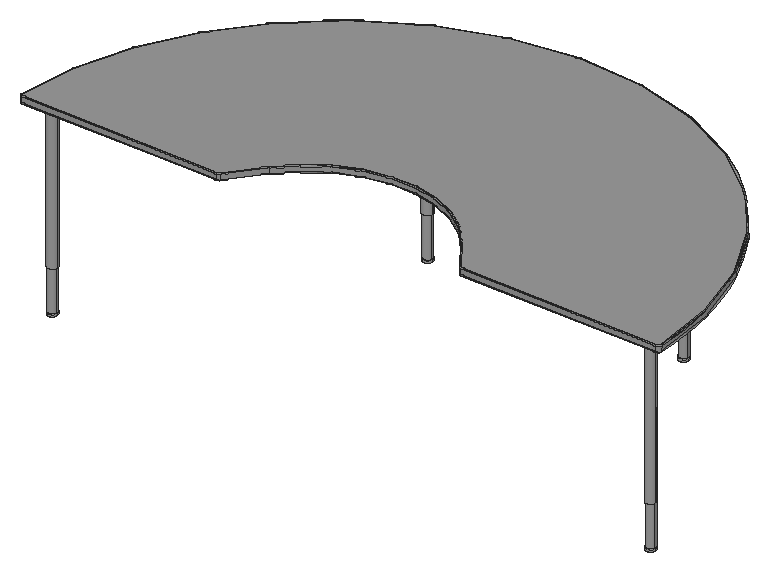
Revit family "Hierarchy Activity Kidney", category Generic Models, Revit 2018
Family settings
  Can host rebar = No
  Round Connector Dimension = Use Diameter
  Part Type = Normal
  Work Plane-Based = No
  Always vertical = Yes
  Cut with Voids When Loaded = No
  Shared = No
  Room Calculation Point = No
Parameters
  Table Height = 2' - 4 1/2"
  Surface = Hierarchy Activity Kidney Surface
  Leg Finish = Shapes Leg Platinum
  Glider/Caster = Shapes Leg - Glider : Shapes Leg - Glider
  Edgeband = Hierarchy Activity Kidney Edgeband
Reference planes (in)
  plane 1 "Center (Front/Back)": y = 0
  plane 2: z = 0
  plane 3 "Center (Left/Right)": x = 0
  plane 4: z = 28.5
Dimensions and locks (in)
  "Table Height": plane 4 to level
  aligned and locked: plane 2 to level
  aligned and locked: nested 1 to plane 4
Nested families (in)
  nested 1: "Activity Kidney Tabletop" at (0, 0, 4.5750003), type "Activity Kidney Tabletop"
  nested 2: "Shapes Leg - Glider" at (-47.1732346, -19.0944657, 0), Leg Height <- "Table Height", Shapes Leg Finish <- "Leg Finish", type "Shapes Leg - Glider"
    with Shapes Leg Finish Shapes Leg Platinum, Leg Height 2' - 4 1/2"
  nested 3: "Shapes Leg - Glider" at (-20.9220931, 18.3262556, 0), Leg Height <- "Table Height", Shapes Leg Finish <- "Leg Finish", type <- "Glider/Caster", type "Shapes Leg - Glider"
    with Shapes Leg Finish Shapes Leg Platinum, Leg Height 2' - 4 1/2"
  nested 4: "Shapes Leg - Glider" at (17.1830398, 18.6556759, 0), Leg Height <- "Table Height", Shapes Leg Finish <- "Leg Finish", type <- "Glider/Caster", type "Shapes Leg - Glider"
    with Shapes Leg Finish Shapes Leg Platinum, Leg Height 2' - 4 1/2"
  nested 5: "Shapes Leg - Glider" at (42.5006715, -19.1609491, 0), Leg Height <- "Table Height", Shapes Leg Finish <- "Leg Finish", type "Shapes Leg - Glider"
    with Shapes Leg Finish Shapes Leg Platinum, Leg Height 2' - 4 1/2"
Definition of nested family "Activity Kidney Tabletop"
  Parameters (values of type "Activity Kidney Tabletop")
    Surface = none
    Edgeband = none
  Reference planes (in)
    plane 1 "Center (Front/Back)": y = 0
    plane 2: z = 0
    plane 3 "Center (Left/Right)": x = 0
  Forms (in)
    Extrusion 1, solid, material <- "Surface"
      sketch origin (0, 0, 0) x (1, 0, 0) y (0, 1, 0)
        loop
          line (-49.6880493, -21.5486813) -> (-20.4447227, -21.5486813)
          arc (-20.4447227, -21.5486813) -> (-20.2739365, -21.5083641) -> (-20.1392111, -21.3959254) r 0.3818893
          line (-20.1392111, -21.3959254) -> (-16.6892109, -16.7959213)
          arc (-16.6892109, -16.7959213) -> (-2.1947211, -9.5486737) -> (12.2997673, -16.7959242) r 18.1181046
          line (12.2997673, -16.7959242) -> (15.7497638, -21.3959253)
          arc (15.7497638, -21.3959253) -> (15.8844892, -21.5083641) -> (16.0552754, -21.5486813) r 0.3818893
          line (16.0552754, -21.5486813) -> (45.2986021, -21.5486813)
          arc (45.2986021, -21.5486813) -> (45.5714831, -21.4356503) -> (45.684514, -21.1627693) r 0.3859119
          arc (45.684514, -21.1627693) -> (39.4528252, 1.8395118) -> (22.9811196, 19.0622234) r 48.3004507
          arc (22.9811196, 19.0622234) -> (-4.5558124, 26.2247125) -> (-31.2504358, 16.3768215) r 47.5352791
          arc (-31.2504358, 16.3768215) -> (-44.9447232, -0.2455821) -> (-50.0739613, -21.1627693) r 48.4097031
          arc (-50.0739613, -21.1627693) -> (-49.9609303, -21.4356503) -> (-49.6880493, -21.5486813) r 0.3859119
      from 23.9249997 to 24.9250031
    Sweep 2, solid, material <- "Edgeband"
      path origin (0, 0, 0) x (1, 0, 0) y (0, 1, 0)
        loop
          line (-49.6880493, -21.5486813) -> (-20.4447227, -21.5486813)
          arc (-20.4447227, -21.5486813) -> (-20.2739365, -21.5083641) -> (-20.1392111, -21.3959254) r 0.3818893
          line (-20.1392111, -21.3959254) -> (-16.6892109, -16.7959213)
          arc (-16.6892109, -16.7959213) -> (-2.1947211, -9.5486737) -> (12.2997673, -16.7959242) r 18.1181046
          line (12.2997673, -16.7959242) -> (15.7497638, -21.3959253)
          arc (15.7497638, -21.3959253) -> (15.8844892, -21.5083641) -> (16.0552754, -21.5486813) r 0.3818893
          line (16.0552754, -21.5486813) -> (45.2986021, -21.5486813)
          arc (45.2986021, -21.5486813) -> (45.5714831, -21.4356503) -> (45.684514, -21.1627693) r 0.3859119
          arc (45.684514, -21.1627693) -> (39.4528252, 1.8395118) -> (22.9811196, 19.0622234) r 48.3004507
          arc (22.9811196, 19.0622234) -> (-4.5558124, 26.2247125) -> (-31.2504358, 16.3768215) r 47.5352791
          arc (-31.2504358, 16.3768215) -> (-44.9447232, -0.2455821) -> (-50.0739613, -21.1627693) r 48.4097031
          arc (-50.0739613, -21.1627693) -> (-49.9609303, -21.4356503) -> (-49.6880493, -21.5486813) r 0.3859119
      profile origin (-35.066386, -21.5486813, 0) x (0, 1, 0) y (0, 0, 1)
        loop
          arc (0, 24.9250031) -> (-0.0835155, 24.8904098) -> (-0.1181087, 24.8068943) r 0.1181087
          line (-0.1181087, 24.8068943) -> (-0.1181087, 24.0431099)
          arc (-0.1181087, 24.0431099) -> (-0.0835155, 23.9595944) -> (0, 23.9250011) r 0.1181087
          line (0, 23.9250011) -> (0, 24.9250031)
  Dimensions and locks (in)
    aligned and locked: plane 2 to level
Definition of nested family "Shapes Leg - Glider"
  Parameters (values of type "Shapes Leg - Glider")
    Shapes Leg Finish [instance] = none
    Leg Height [instance] = 2' - 4 1/2"
  Reference planes (in)
    plane 1 "Center (Front/Back)": y = 0
    plane 2: z = 0
    plane 3 "Center (Left/Right)": x = 0
  Forms (in)
    Extrusion 1, solid
      sketch origin (-0.015625, 0, 0) x (1, 0, 0) y (0, 1, 0)
        loop
          circle (0.015625, 0) r 0.649056
      from 0.5058594 to 20.174386
  Dimensions and locks (in)
    "Leg Height": nested 2 to level
    aligned and locked: plane 2 to level
  Automatic sketch dimensions
    plane 1 "Center (Front/Back)" to Extrusion 1 sketch curve = 0' - 0"
    Extrusion 1 sketch curve to plane 3 "Center (Left/Right)" = 0' - 0"
    radius of Extrusion 1 sketch curve = 0' - 0.64906"
  Nested families (in)
    nested 1: "Glider" at (0, 0, 0), type "Glider"
    nested 2: "Shapes Upper Leg" at (0, 0, 0), Shapes Leg Finish <- "Shapes Leg Finish", type "Shapes Upper Leg"
      with Shapes Leg Finish none
  Definition of nested family "Glider"
    Reference planes (in)
      plane 1 "Center (Front/Back)": y = 0
      plane 2: z = 0
      plane 3 "Center (Left/Right)": x = 0
    Forms (in)
      Revolve 1, solid
        sketch origin (0, 0, 0) x (1, 0, 0) y (0, 0, 1)
          loop
            line (0.2661407, 0.5058594) -> (0, 0.5058594) -> (0, 0.0999388) -> (0.7165568, 0.0999388) -> (0.7165568, 0.376337)
            arc (0.7165568, 0.376337) -> (0.7018124, 0.4154764) -> (0.6651058, 0.4355245) r 0.0601129
            arc (0.6651058, 0.4355245) -> (0.4660934, 0.459507) -> (0.2661407, 0.4736505) r 4.0653464
            line (0.2661407, 0.4736505) -> (0.2661407, 0.5058594)
          axis (0, 0.5058594) -> (0, 0.0999388)
        angle from 0 to 360
      Revolve 2, solid
        sketch origin (0, 0, 0) x (1, 0, 0) y (0, 0, 1)
          loop
            line (0.6553396, 0.1212036) -> (0, 0.1212036) -> (0, 0) -> (0.5759298, 0)
            arc (0.5759298, 0) -> (0.632081, 0.0232586) -> (0.6553396, 0.0794098) r 0.0794098
            line (0.6553396, 0.0794098) -> (0.6553396, 0.1212036)
          axis (0, 0.1212036) -> (0, 0)
        angle from 0 to 360
    Dimensions and locks (in)
      aligned and locked: plane 2 to level
  Definition of nested family "Shapes Upper Leg"
    Parameters (values of type "Shapes Upper Leg")
      Shapes Leg Finish [instance] = none
    Reference planes (in)
      plane 1 "Center (Front/Back)": y = 0
      plane 2: z = 0
      plane 3 "Center (Left/Right)": x = 0
    Forms (in)
      Extrusion 1, solid, material <- "Shapes Leg Finish"
        sketch origin (0, 0, 0) x (1, 0, 0) y (0, 1, 0)
          loop
            circle (0, 0) r 0.75
        from 6.5 to 28.5
    Dimensions and locks (in)
      aligned and locked: plane 2 to level
